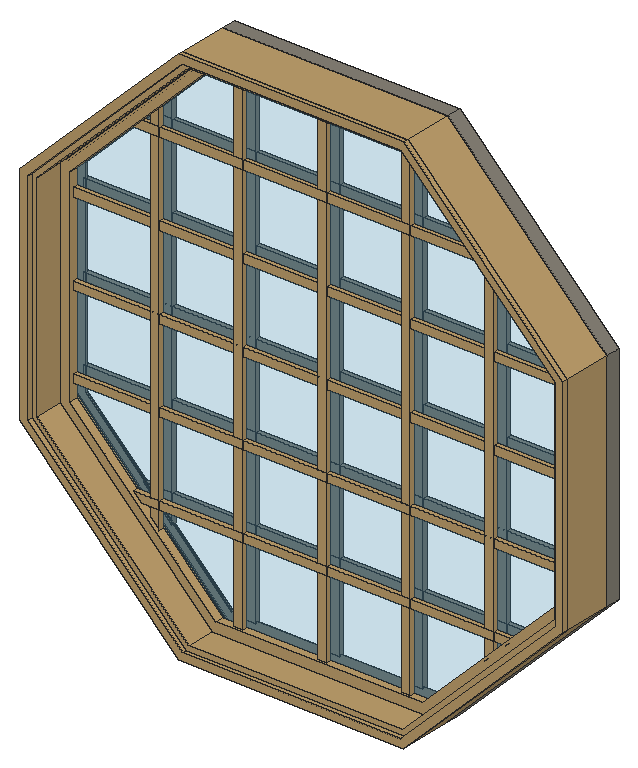
Revit family
Parameters (values of type "CDGPOLY P8-1")
  Window Type = "Clad Direct Glaze Polygon P8-1"
  URL = "www.marvin.com"
  Side Length = (sin(22.50°) * Radius) * 2  # 1' - 7.88225"
  Radius = (Width / 2) / cos(22.50°)  # 2' - 1.97741"
  Nominal Width = 4' - 0"
  Nominal Height = Nominal Width  # 4' - 0"
  Muntins Interior Material = Wood-Marvin-Pine
  Muntins Exterior Material = Aluminum-Marvin-Bronze
  Model = "CDGPOLY P8-1"
  Manufacturer = "Marvin Windows and Doors"
  Lites Wide = 6
  Lites High = 6
  Label Visibility = no
  Interior Material = Wood-Marvin-Pine
  Glazing Material = Glass-Marvin-IG Low E II with Argon
  Glass Type = "IG Low E II with Argon"
  Frame = "Aluminum Clad"
  Family created by = "www.rbuiltcomponents.com"
  Rough Width = Width + 0' 1"  # 4' - 1"
  Rough Height = Height + 0' 1"  # 4' - 1"
  Muntins Interior Visibility = yes
  Muntins Exterior Visibility = yes
  Jamb Extension Visibility = yes
  Inset to Installation Flange [instance] = 0' - 1"
  Height = Nominal Height  # 4' - 0"
  Design Pressure = if(or(Width > 10' 0", Height > 6' 0"), "", "DP40")  # "DP40"
  Description = "FIXED"
  Default Head Height = 8' - 0"
  Wall Closure = (empty or 0)
  Width = Nominal Width  # 4' - 0"
  Daylight Area = (DLO Width * DLO Height) - (DLO Side Length ^ 2)  # 11.1694 SF
  DLO Width = Width - 0' 3 15/16"  # 3' - 8 1/16"
  DLO Side Length = (sin(22.50°) * DLO Radius) * 2  # 1' - 6.25129"
  DLO Radius = (DLO Width / 2) / cos(22.50°)  # 1' - 11.84645"
  DLO Height = Height - 0' 3 15/16"  # 3' - 8 1/16"
  Cladding Material = Aluminum-Marvin-Bronze
  Assembly Code = ""
Reference planes (in)
  plane 1 "Center (Front/Back)": y = 0
  plane 2: z = 0
  plane 3 "Center (Left/Right)": x = -3
  plane 4 "Left": x = -27
  plane 5 "Right": x = 21
  plane 6 "Sill": z = 48
  plane 7 "Top": z = 96
  plane 8 "Inset": y = 2
  plane 9 "Glazing": y = 1.80078
  plane 10 "Jamb Ext Face": y = -2.5625
  plane 11: z = 72
  plane 12: y = -2.59375
Forms (in)
  Sweep 1, solid, material "Aluminum-Marvin-Bronze" <- "Cladding Material"
    path origin (0, 1.80078, 0) x (1, 0, 0) y (0, 0, 1)
      loop
        line (-27, 81.94113) -> (-27, 62.05887) -> (-12.94113, 48) -> (6.94113, 48) -> (21, 62.05887) -> (21, 81.94113) -> (6.94113, 96) -> (-12.94113, 96) -> (-27, 81.94113)
    profile "Profile_Ext_Clad_Frame : Profile_Ext_Clad_Frame" origin (-27, 1.80078, 72) x (1, 0, 0) y (0, -1, 0)
      loop
        line (0.66161, -0.32533) -> (1.80253, -0.32533) -> (1.80253, -0.20244) -> (1.97001, -0.03495) -> (1.97001, 0) -> (0, 0) -> (0, -1.29321) -> (0.59393, -1.29321) -> (0.66161, -0.32533)
  Sweep 2, solid, material "Wood-Marvin-Pine" <- "Interior Material"
    path origin (0, 1.80078, 0) x (1, 0, 0) y (0, 0, 1)
      loop
        line (-27, 81.94113) -> (-27, 62.05887) -> (-12.94113, 48) -> (6.94113, 48) -> (21, 62.05887) -> (21, 81.94113) -> (6.94113, 96) -> (-12.94113, 96) -> (-27, 81.94113)
    profile "Profile_Int_Frame : Profile_Int_Frame" origin (-27, 1.80078, 72) x (1, 0, 0) y (0, -1, 0)
      loop
        line (1.094, 4.36304) -> (0, 4.36304) -> (0, 0) -> (1.094, 0) -> (1.094, 1.0626) -> (1.97001, 1.0626) -> (1.97001, 1.7506) -> (1.094, 1.7506) -> (1.094, 4.36304)
  Extrusion 3, solid, material "Wood-Marvin-Pine" <- "Interior Material", visible <- "Jamb Extension Visibility", detail levels medium+fine
    sketch origin (0, -2.5625, 0) x (1, 0, 0) y (0, 0, 1)
      loop
        line (-12.94113, 96) -> (-27, 81.94113) -> (-27, 62.05887) -> (-12.94113, 48) -> (6.94113, 48) -> (21, 62.05887) -> (21, 81.94113) -> (6.94113, 96) -> (-12.94113, 96)
      loop
        line (-12.65635, 48.6875) -> (6.65635, 48.6875) -> (20.3125, 62.34365) -> (20.3125, 81.65635) -> (6.65635, 95.3125) -> (-12.65635, 95.3125) -> (-26.3125, 81.65635) -> (-26.3125, 62.34365) -> (-12.65635, 48.6875)
    from 0.03125 to 0.4375
  Extrusion 4, solid, material "Glass-Marvin-IG Low E II with Argon" <- "Glazing Material"
    sketch origin (0, 1.80078, 0) x (1, 0, 0) y (0, 0, 1)
      loop
        line (6.41041, 94.71875) -> (-12.41041, 94.71875) -> (-25.71875, 81.41041) -> (-25.71875, 62.58959) -> (-12.41041, 49.28125) -> (6.41041, 49.28125) -> (19.71875, 62.58959) -> (19.71875, 81.41041) -> (6.41041, 94.71875)
    from 0 to 0.1875
  Extrusion 5, solid, material "Glass-Marvin-IG Low E II with Argon" <- "Glazing Material"
    sketch origin (0, 1.80078, 0) x (1, 0, 0) y (0, 0, 1)
      loop
        line (6.41041, 94.71875) -> (-12.41041, 94.71875) -> (-25.71875, 81.41041) -> (-25.71875, 62.58959) -> (-12.41041, 49.28125) -> (6.41041, 49.28125) -> (19.71875, 62.58959) -> (19.71875, 81.41041) -> (6.41041, 94.71875)
    from 0.8125 to 1
Lines and regions (in)
  Opening 1
    outline origin (-60, -3, 0) x (1, 0, 0) y (0, 0, 1)
      loop
        line (33, 81.94113) -> (33, 62.05887) -> (47.05887, 48) -> (66.94113, 48) -> (81, 62.05887) -> (81, 81.94113) -> (66.94113, 96) -> (47.05887, 96) -> (33, 81.94113)
  Masking region 1
    outline origin (0, 0, 48) x (0, -1, 0) y (1, 0, 0)
      loop
        line (-3.094, -27) -> (2.5625, -27) -> (2.5625, 21) -> (-3.094, 21) -> (-3.094, -27)
  Masking region 2
    outline origin (-3, 0, 0) x (0, 1, 0) y (0, 0, 1)
      loop
        line (3.094, 96) -> (-2.5625, 96) -> (-2.5625, 48) -> (3.094, 48) -> (3.094, 96)
  Masking region 3
    outline origin (0, 0, 48) x (0, -1, 0) y (1, 0, 0)
      loop
        line (-3, -27) -> (3, -27) -> (3, 21) -> (-3, 21) -> (-3, -27)
  Masking region 4
    outline origin (-3, 0, 0) x (0, 1, 0) y (0, 0, 1)
      loop
        line (3, 96) -> (-3, 96) -> (-3, 48) -> (3, 48) -> (3, 96)
  symbolic lines, style "Jamb Extension", visible <- "Jamb Extension Visibility", detail levels fine
    curve 1: line (-27, -3, 48) -> (-26.3125, -3, 48)
    curve 2: line (-26.3125, -3, 48) -> (-26.3125, -2.59375, 48)
    curve 3: line (21, -3, 48) -> (20.3125, -3, 48)
    curve 4: line (20.3125, -3, 48) -> (20.3125, -2.59375, 48)
    curve 5: line (-3, -3, 95.3125) -> (-3, -2.59375, 95.3125)
    curve 6: line (-3, -3, 48.6875) -> (-3, -2.59375, 48.6875)
  symbolic lines, style "WindowsFrameMullionProjection", detail levels coarse+medium
    curve 7: line (21, -2.5625, 48) -> (19.906, -2.5625, 48)
    curve 8: line (19.906, -2.5625, 48) -> (19.906, 3.09375, 48)
    curve 9: line (19.906, 3.09375, 48) -> (21, 3.09375, 48)
    curve 10: line (19.906, 2.12611, 48) -> (19.02999, 2.12611, 48)
    curve 11: line (19.02999, 2.12611, 48) -> (19.02999, 0.04994, 48)
    curve 12: line (-25.906, 0.04994, 48) -> (-25.02999, 0.04994, 48)
    curve 13: line (-27, -2.5625, 48) -> (-25.906, -2.5625, 48)
    curve 14: line (-25.906, -2.5625, 48) -> (-25.906, 3.09375, 48)
    curve 15: line (-25.906, 3.09375, 48) -> (-27, 3.09375, 48)
    curve 16: line (-25.02999, 2.12611, 48) -> (-25.02999, 0.04994, 48)
    curve 17: line (-3, 3.09375, 96) -> (-3, 3.09375, 94.906)
    curve 18: line (-3, 3.09375, 94.906) -> (-3, -2.5625, 94.906)
    curve 19: line (-3, -2.5625, 94.906) -> (-3, -2.5625, 96)
    curve 20: line (-3, 2.12611, 94.906) -> (-3, 2.12611, 94.02999)
    curve 21: line (-3, 2.12611, 94.02999) -> (-3, 0.04994, 94.02999)
    curve 22: line (-3, 0.04994, 49.094) -> (-3, 0.04994, 49.97001)
    curve 23: line (-3, 3.09375, 48) -> (-3, 3.09375, 49.094)
    curve 24: line (-3, 3.09375, 49.094) -> (-3, -2.5625, 49.094)
    curve 25: line (-3, -2.5625, 49.094) -> (-3, -2.5625, 48)
    curve 26: line (-3, 2.12611, 49.97001) -> (-3, 0.04994, 49.97001)
    curve 27: line (19.02999, 2.12611, 48) -> (-25.02999, 2.12611, 48)
    curve 28: line (19.02999, 0.04994, 48) -> (19.906, 0.04994, 48)
    curve 29: line (-25.02999, 0.04994, 48) -> (19.02999, 0.04994, 48)
    curve 30: line (-25.02999, 2.12611, 48) -> (-25.906, 2.12611, 48)
    curve 31: line (-3, 0.04994, 49.97001) -> (-3, 0.04994, 94.02999)
    curve 32: line (-3, 2.12611, 49.97001) -> (-3, 2.12611, 49.094)
    curve 33: line (-3, 0.04994, 94.02999) -> (-3, 0.04994, 94.906)
    curve 34: line (-3, 2.12611, 94.02999) -> (-3, 2.12611, 49.97001)
  symbolic lines, style "WindowsFrameMullionProjection", visible <- "Jamb Extension Visibility", detail levels coarse+medium
    curve 35: line (-26.3125, -2.59375, 48) -> (-26.3125, -3, 48)
    curve 36: line (-26.3125, -3, 48) -> (-27, -3, 48)
    curve 37: line (20.3125, -2.59375, 48) -> (20.3125, -3, 48)
    curve 38: line (20.3125, -3, 48) -> (21, -3, 48)
    curve 41: line (-3, -2.59375, 95.3125) -> (-3, -3, 95.3125)
    curve 42: line (-3, -3, 95.3125) -> (-3, -3, 96)
    curve 43: line (-3, -2.59375, 48.6875) -> (-3, -3, 48.6875)
    curve 44: line (-3, -3, 48.6875) -> (-3, -3, 48)
  symbolic lines, style "Jamb Extension", visible <- "Jamb Extension Visibility"
    curve 39: line (-3, -3, 48.6875) -> (-3, -3, 48)
    curve 40: line (-3, -3, 95.3125) -> (-3, -3, 96)
  symbolic lines, style "WindowsGlassProjection", detail levels coarse+medium
    curve 45: line (-3, 1.06756, 49.97001) -> (-3, 1.06756, 94.02999)
    curve 46: line (19.02999, 1.06956, 48) -> (-25.02999, 1.06956, 48)
  reference lines
    curve 47: line (-27, 2, 62.05887) -> (-12.94113, 2, 48)
    curve 48: line (-12.94113, 2, 48) -> (6.94113, 2, 48)
    curve 49: line (6.94113, 2, 48) -> (21, 2, 62.05887)
    curve 50: line (21, 2, 62.05887) -> (21, 2, 81.94113)
    curve 51: line (21, 2, 81.94113) -> (6.94113, 2, 96)
    curve 52: line (6.94113, 2, 96) -> (-12.94113, 2, 96)
    curve 53: line (-12.94113, 2, 96) -> (-27, 2, 81.94113)
    curve 54: line (-27, 2, 81.94113) -> (-27, 2, 62.05887)
    curve 55: circle (-3, 2, 72) r 25.97741 normal (0, -1, 0)
Text (in)
  text "EXTERIOR" at (-58.6888, 50.90694, 0), in view "Ref. Level"
  text "INTERIOR" at (-58.6888, -37.76638, 0), in view "Ref. Level"
  text "Exterior" at (0, 43.65631, 123.19604), in view "Left"
  text "Exterior" at (0, 18.29385, 125.04747), in view "Right"
Dimensions and locks (in)
  equal spacing: plane 4 "Left", plane 3 "Center (Left/Right)", plane 5 "Right"
  "Width": plane 4 "Left" to plane 5 "Right"
  "Height": plane 6 "Sill" to plane 7 "Top"
  "Inset to Installation Flange": host wall to plane 8 "Inset"
  locked: plane 9 "Glazing" to plane 8 "Inset" at 0.19922
  locked: plane 10 "Jamb Ext Face" to plane 8 "Inset" at 4.5625
  locked: Extrusion 4 sketch curve to plane 5 "Right" at 1.28125
  locked: plane 4 "Left" to Extrusion 4 sketch curve at 1.28125
  locked: Extrusion 4 sketch curve to plane 7 "Top" at 1.28125
  locked: plane 6 "Sill" to Extrusion 4 sketch curve at 1.28125
  equal spacing: curve 28, plane 8 "Inset", curve 10
  locked: nested 3 to plane 9 "Glazing" at 1.0625
  equal spacing: plane 6 "Sill", plane 11, plane 7 "Top"
  "Default Head Height": plane 2 to plane 7 "Top"
  locked: Extrusion 3 sketch curve to Extrusion 3 sketch curve at 0.6875  (x2)
  locked: plane 7 "Top" to Extrusion 3 sketch curve at 0.6875
  locked: nested 5 to host wall at 12.00106
  locked: Extrusion 5 sketch curve to plane 7 "Top" at 1.28125
  locked: Extrusion 5 sketch curve to plane 5 "Right" at 1.28125
  locked: plane 6 "Sill" to Extrusion 5 sketch curve at 1.28125
  locked: plane 4 "Left" to Extrusion 5 sketch curve at 1.28125
  locked: plane 9 "Glazing" to Extrusion 4 at 0.1875
  locked: plane 9 "Glazing" to Extrusion 5 at 0.8125
  locked: plane 9 "Glazing" to Extrusion 5 at 1
  locked: Extrusion 5 to Extrusion 5 at 0.1875
  locked: plane 12 to plane 10 "Jamb Ext Face" at 0.03125
  locked: Extrusion 3 sketch curve to curve 49 at 0.6875
  locked: Extrusion 3 sketch curve to curve 51 at 0.6875
  locked: Extrusion 3 sketch curve to curve 53 at 0.6875
  locked: Extrusion 3 sketch curve to curve 47 at 0.6875
  locked: Extrusion 4 sketch curve to curve 49 at 1.28125
  locked: Extrusion 4 sketch curve to curve 51 at 1.28125
  locked: Extrusion 4 sketch curve to curve 53 at 1.28125
  locked: Extrusion 4 sketch curve to curve 47 at 1.28125
  locked: Extrusion 5 sketch curve to curve 51 at 1.28125
  locked: Extrusion 5 sketch curve to curve 53 at 1.28125
  locked: Extrusion 5 sketch curve to curve 47 at 1.28125
  locked: Extrusion 5 sketch curve to curve 49 at 1.28125
  "Radius": radius of curve 55
  aligned and locked: nested 1 to plane 3 "Center (Left/Right)"
  aligned and locked: plane 8 "Inset" to nested 1
  aligned and locked: host wall to curve 1
  aligned and locked: curve 3 to host wall
  aligned and locked: plane 8 "Inset" to nested 2
  aligned and locked: Extrusion 3 sketch curve to plane 6 "Sill"
  aligned and locked: plane 5 "Right" to Extrusion 3 sketch curve
  aligned and locked: plane 11 to nested 3
  aligned and locked: plane 9 "Glazing" to nested 4
  aligned and locked: nested 4 to plane 11
  aligned and locked: nested 4 to plane 3 "Center (Left/Right)"
  aligned and locked: plane 3 "Center (Left/Right)" to nested 3
  aligned and locked: plane 5 "Right" to Masking region 1 sketch curve
  aligned and locked: Masking region 1 sketch curve to plane 4 "Left"
  aligned and locked: plane 7 "Top" to Masking region 2 sketch curve
  aligned and locked: Masking region 2 sketch curve to plane 6 "Sill"
  aligned and locked: host wall to Extrusion 3
  aligned and locked: plane 3 "Center (Left/Right)" to nested 5
  aligned and locked: Extrusion 3 sketch curve to plane 4 "Left"
  aligned and locked: plane 7 "Top" to Extrusion 3 sketch curve
  aligned and locked: curve 5 to Extrusion 3
  aligned and locked: curve 2 to Extrusion 3
  aligned and locked: curve 4 to Extrusion 3
  aligned and locked: plane 10 "Jamb Ext Face" to curve 13
  aligned and locked: curve 7 to plane 10 "Jamb Ext Face"
  aligned and locked: plane 4 "Left" to curve 36
  aligned and locked: curve 35 to Extrusion 3
  aligned and locked: curve 36 to host wall
  aligned and locked: plane 5 "Right" to curve 38
  aligned and locked: Extrusion 3 to curve 37  (x2)
  aligned and locked: host wall to curve 38
  aligned and locked: curve 25 to plane 10 "Jamb Ext Face"
  aligned and locked: plane 6 "Sill" to curve 39
  aligned and locked: curve 39 to Extrusion 3
  aligned and locked: curve 39 to host wall
  aligned and locked: plane 10 "Jamb Ext Face" to curve 19
  aligned and locked: plane 7 "Top" to curve 40
  aligned and locked: plane 7 "Top" to curve 42
  aligned and locked: host wall to curve 42
  aligned and locked: Extrusion 3 to curve 41  (x2)
  aligned and locked: plane 6 "Sill" to curve 44
  aligned and locked: curve 43 to Extrusion 3
  aligned and locked: Extrusion 4 to plane 9 "Glazing"
  aligned and locked: plane 9 "Glazing" to Extrusion 4
  aligned and locked: Extrusion 3 to curve 35
  aligned and locked: Extrusion 3 to curve 2
  aligned and locked: Extrusion 3 to curve 4
  aligned and locked: Masking region 1 sketch curve to plane 10 "Jamb Ext Face"
  aligned and locked: Masking region 3 sketch curve to plane 4 "Left"
  aligned and locked: plane 5 "Right" to Masking region 3 sketch curve
  aligned and locked: Masking region 3 sketch curve to host wall  (x2)
  aligned and locked: Extrusion 3 to curve 5
  aligned and locked: Extrusion 3 to curve 43
  aligned and locked: Extrusion 3 to curve 6
  aligned and locked: Extrusion 3 to plane 12
  aligned and locked: Masking region 2 sketch curve to plane 10 "Jamb Ext Face"
  aligned and locked: plane 7 "Top" to Masking region 4 sketch curve
  aligned and locked: Masking region 4 sketch curve to plane 6 "Sill"
  aligned and locked: Masking region 4 sketch curve to host wall  (x2)
  aligned and locked: nested 2 to plane 7 "Top"
  aligned and locked: plane 7 "Top" to curve 52
  aligned and locked: plane 5 "Right" to curve 50
  aligned and locked: curve 48 to plane 6 "Sill"
  aligned and locked: curve 54 to plane 4 "Left"
  aligned and locked: Extrusion 3 sketch curve to curve 51
  aligned and locked: Extrusion 3 sketch curve to curve 53
  aligned and locked: Extrusion 3 sketch curve to curve 47
  aligned and locked: Extrusion 3 sketch curve to curve 49
  aligned and locked: Sweep 1 sketch curve to curve 54
  aligned and locked: Sweep 1 sketch curve to curve 47
  aligned and locked: Sweep 1 sketch curve to curve 48
  aligned and locked: Sweep 1 sketch curve to curve 49
  aligned and locked: Sweep 1 sketch curve to curve 50
  aligned and locked: Sweep 1 sketch curve to curve 51
  aligned and locked: Sweep 1 sketch curve to curve 52
  aligned and locked: Sweep 1 sketch curve to curve 53
  aligned and locked: Sweep 2 sketch curve to curve 54
  aligned and locked: Sweep 2 sketch curve to curve 47
  aligned and locked: Sweep 2 sketch curve to curve 48
  aligned and locked: Sweep 2 sketch curve to curve 49
  aligned and locked: Sweep 2 sketch curve to curve 50
  aligned and locked: Sweep 2 sketch curve to curve 51
  aligned and locked: Sweep 2 sketch curve to curve 52
  aligned and locked: Sweep 2 sketch curve to curve 53
  aligned and locked: Opening 1 sketch curve to curve 54
  aligned and locked: Opening 1 sketch curve to curve 47
  aligned and locked: Opening 1 sketch curve to curve 48
  aligned and locked: Opening 1 sketch curve to curve 49
  aligned and locked: Opening 1 sketch curve to curve 50
  aligned and locked: Opening 1 sketch curve to curve 51
  aligned and locked: Opening 1 sketch curve to curve 52
  aligned and locked: Opening 1 sketch curve to curve 53
  aligned and locked: curve 33 to nested 2
  aligned and locked: curve 22 to nested 2
  aligned and locked: curve 23 to nested 2
  aligned and locked: curve 17 to nested 2
  aligned and locked: curve 12 to nested 1
  aligned and locked: curve 15 to nested 1
  aligned and locked: curve 28 to nested 1
  aligned and locked: curve 9 to nested 1
  aligned and locked: Masking region 1 sketch curve to Sweep 1
  aligned and locked: Masking region 2 sketch curve to Sweep 1
Automatic sketch dimensions
  curve 1 to plane 4 "Left" = 0' - 0"
  curve 3 to plane 5 "Right" = 0' - 0"
  curve 25 to plane 6 "Sill" = 0' - 0"
  curve 23 to plane 6 "Sill" = 0' - 0"
  curve 17 to plane 7 "Top" = 0' - 0"
  curve 19 to plane 7 "Top" = 0' - 0"
  plane 9 "Glazing" to curve 45 = 0' - 0.73322"
  curve 15 to plane 4 "Left" = 0' - 0"
  curve 13 to plane 4 "Left" = 0' - 0"
  curve 9 to plane 5 "Right" = 0' - 0"
  curve 7 to plane 5 "Right" = 0' - 0"
  plane 9 "Glazing" to curve 46 = 0' - 0.73122"
  curve 55 to plane 3 "Center (Left/Right)" = 0' - 0"
  curve 55 to plane 11 = 0' - 0"
  Extrusion 3 sketch curve to Extrusion 3 sketch curve = 0' - 0.28477"
  curve 32 to plane 8 "Inset" = 0' - 0.12611"
  curve 10 to plane 8 "Inset" = 0' - 0.12611"
  curve 6 to curve 25 = 0' - 0.4065"
  curve 22 to curve 22 = 0' - 0.87601"
  plane 7 "Top" to curve 21 = 0' - 1.97001"
  curve 21 to curve 33 = 0' - 0.87601"
  curve 15 to curve 14 = 0' - 1.094"
  curve 12 to curve 46 = 0' - 0.87601"
  plane 5 "Right" to curve 11 = 0' - 1.97001"
  curve 7 to curve 4 = 0' - 0.4065"
Nested families (in)
  nested 1: "Polygon_Plan_Detail" at (-3, 2, 48) x (-1, 0, 0) z (0, 0, -1), type "Polygon_Plan_Detail", detail levels fine
    with Width 4' - 0"
  nested 2: "Polygon_Section_Detail" at (-3, 2, 96) x (0, -1, 0) z (1, 0, 0), type "Polygon_Section_Detail", detail levels fine
    with Height 4' - 0"
  nested 3: "Muntins" at (-3, 0.73828, 14.03125), visible <- "Muntins Interior Visibility", Muntin Material <- "Muntins Interior Material", type "Muntins"
    with Muntin Material Wood-Marvin-Pine
  nested 4: "Muntins" at (-3, 1.80078, 14.03125), visible <- "Muntins Exterior Visibility", Muntin Material <- "Muntins Exterior Material", type "Muntins"
    with Muntin Material Aluminum-Marvin-Bronze
  nested 5: "Label Annotation 1-16 w6" at (-3, 15.00106, 0), visible <- "Label Visibility", type "Label Annotation 1-16 w6"
    with Nominal Height 4' - 0"
Definition of nested family "Muntins"
  Parameters (values of type "Muntins")
    Side = (sin(22.50°) * Radius) * 2  # 1' - 6.38073"
    Radius = (Width / 2) / cos(22.50°)  # 2' - 0.01558"
    GlazingWidth = 3' - 8 1/16"
    GlazingHeight = 3' - 8 1/16"
    Width = GlazingWidth + 0' 0 5/16"  # 3' - 8 3/8"
    VerticalMuntins = if(LitesHorizontal < 3, 2, LitesHorizontal - 1)  # 5
    VertMuntVisible = LitesHorizontal > 3  # yes
    MuntinWidth = 0' - 0 3/4"
    MuntinDepth = 0' - 0 3/8"
    Muntin Material [instance] = none
    LitesVertical = 6
    LitesHorizontal = 6
    HorizontalMuntins = if(LitesVertical < 3, 2, LitesVertical - 1)  # 5
    HorizMuntVisible = LitesVertical > 3  # yes
    Height = GlazingHeight + 0' 0 5/16"  # 3' - 8 3/8"
    Inset Vert = if(LitesHorizontal < 3, (Width / 3) - (MuntinWidth / 2), (Width / LitesHorizontal) - (MuntinWidth / 2))  # 0' - 7.02083"
    Inset Horiz = if(LitesVertical < 3, (Height / 3) - (MuntinWidth / 2), (Height / LitesVertical) - (MuntinWidth / 2))  # 0' - 7.02083"
    CenterMuntinVertical = LitesHorizontal = 2  # no
    CenterMuntinHorizontal = LitesVertical = 2  # no
    Assembly Code = ""
    3L_MuntinVertical = LitesHorizontal = 3  # no
    3L_MuntinHorizontal = LitesVertical = 3  # no
  Reference planes (in)
    plane 1 "Center (Front/Back)": y = 0
    plane 2: z = 0
    plane 3 "Center (Left/Right)": x = 0
    plane 4: z = 35.78125
    plane 5: z = 57.96875
    plane 6: z = 80.15625
    plane 7: z = 73.13542
    plane 8: z = 42.80208
    plane 9: z = 80
    plane 10: z = 35.9375
    plane 11: x = -22.03125
    plane 12: x = 22.03125
    plane 13: x = -15.16667
    plane 14: x = -22.1875
    plane 15: x = 22.1875
    plane 16: x = 15.16667
    plane 17: z = 33.96875
    plane 18: x = -24
    plane 19: x = 24
    plane 20: z = 81.96875
  Forms (in)
    Extrusion 1, solid, material <- "Muntin Material", visible <- "CenterMuntinVertical"
      sketch origin (9, 0, 0) x (1, 0, 0) y (0, 0, 1)
        loop
          line (-9.375, 80.15625) -> (-9.375, 35.78125) -> (-8.625, 35.78125) -> (-8.625, 80.15625) -> (-9.375, 80.15625)
      from 0 to 0.375 <- "MuntinDepth"
    Extrusion 2, solid, material <- "Muntin Material", visible <- "CenterMuntinHorizontal"
      sketch origin (-0.0013, 0, 14.6875) x (1, 0, 0) y (0, 0, 1)
        loop
          line (-22.1862, 43.65625) -> (-22.1862, 42.90625) -> (22.1888, 42.90625) -> (22.1888, 43.65625) -> (-22.1862, 43.65625)
      from 0 to 0.375 <- "MuntinDepth"
    Extrusion 3, solid, material <- "Muntin Material", visible <- "VertMuntVisible"
      sketch origin (-5.79167, 0, -2.90625) x (1, 0, 0) y (0, 0, 1)
        loop
          line (-9.375, 83.0625) -> (-9.375, 38.6875) -> (-8.625, 38.6875) -> (-8.625, 83.0625) -> (-9.375, 83.0625)
      from 0 to 0.375 <- "MuntinDepth"
    Extrusion 4, solid, material <- "Muntin Material", visible <- "HorizMuntVisible"
      sketch origin (6.8724, 0, 27.44792) x (1, 0, 0) y (0, 0, 1)
        loop
          line (-29.0599, 45.6875) -> (-29.0599, 44.9375) -> (15.3151, 44.9375) -> (15.3151, 45.6875) -> (-29.0599, 45.6875)
      from 0 to 0.375 <- "MuntinDepth"
    Extrusion 5, solid, material <- "Muntin Material", visible <- "HorizMuntVisible"
      sketch origin (6.8724, 0, -2.13542) x (1, 0, 0) y (0, 0, 1)
        loop
          line (-29.0599, 45.6875) -> (-29.0599, 44.9375) -> (15.3151, 44.9375) -> (15.3151, 45.6875) -> (-29.0599, 45.6875)
      from 0 to 0.375 <- "MuntinDepth"
    Extrusion 6, solid, material <- "Muntin Material", visible <- "VertMuntVisible"
      sketch origin (23.79167, 0, -2.90625) x (1, 0, 0) y (0, 0, 1)
        loop
          line (-9.375, 83.0625) -> (-9.375, 38.6875) -> (-8.625, 38.6875) -> (-8.625, 83.0625) -> (-9.375, 83.0625)
      from 0 to 0.375 <- "MuntinDepth"
    Extrusion 7, solid, material <- "Muntin Material", visible <- "HorizMuntVisible"
      sketch origin (6.8724, 0, 20.05208) x (1, 0, 0) y (0, 0, 1)
        loop
          line (-29.0599, 45.6875) -> (-29.0599, 44.9375) -> (15.3151, 44.9375) -> (15.3151, 45.6875) -> (-29.0599, 45.6875)
      from 0 to 0.375 <- "MuntinDepth"
    Extrusion 8, solid, material <- "Muntin Material", visible <- "HorizMuntVisible"
      sketch origin (6.8724, 0, 12.65625) x (1, 0, 0) y (0, 0, 1)
        loop
          line (-29.0599, 45.6875) -> (-29.0599, 44.9375) -> (15.3151, 44.9375) -> (15.3151, 45.6875) -> (-29.0599, 45.6875)
      from 0 to 0.375 <- "MuntinDepth"
    Extrusion 9, solid, material <- "Muntin Material", visible <- "VertMuntVisible"
      sketch origin (1.60417, 0, -2.90625) x (1, 0, 0) y (0, 0, 1)
        loop
          line (-9.375, 83.0625) -> (-9.375, 38.6875) -> (-8.625, 38.6875) -> (-8.625, 83.0625) -> (-9.375, 83.0625)
      from 0 to 0.375 <- "MuntinDepth"
    Extrusion 10, solid, material <- "Muntin Material", visible <- "VertMuntVisible"
      sketch origin (9, 0, -2.90625) x (1, 0, 0) y (0, 0, 1)
        loop
          line (-9.375, 83.0625) -> (-9.375, 38.6875) -> (-8.625, 38.6875) -> (-8.625, 83.0625) -> (-9.375, 83.0625)
      from 0 to 0.375 <- "MuntinDepth"
    Extrusion 11, solid, material <- "Muntin Material", visible <- "HorizMuntVisible"
      sketch origin (6.8724, 0, 5.26042) x (1, 0, 0) y (0, 0, 1)
        loop
          line (-29.0599, 45.6875) -> (-29.0599, 44.9375) -> (15.3151, 44.9375) -> (15.3151, 45.6875) -> (-29.0599, 45.6875)
      from 0 to 0.375 <- "MuntinDepth"
    Extrusion 12, solid, material <- "Muntin Material", visible <- "VertMuntVisible"
      sketch origin (16.39583, 0, -2.90625) x (1, 0, 0) y (0, 0, 1)
        loop
          line (-9.375, 83.0625) -> (-9.375, 38.6875) -> (-8.625, 38.6875) -> (-8.625, 83.0625) -> (-9.375, 83.0625)
      from 0 to 0.375 <- "MuntinDepth"
    Extrusion 13, void
      sketch origin (0, 0, 0) x (1, 0, 0) y (0, 0, 1)
        loop
          line (24, 81.96875) -> (-24, 81.96875) -> (-24, 33.96875) -> (24, 33.96875) -> (24, 81.96875)
        loop
          line (22.1875, 67.15911) -> (9.19036, 80.15625) -> (-9.19036, 80.15625) -> (-22.1875, 67.15911) -> (-22.1875, 48.77839) -> (-9.19036, 35.78125) -> (9.19036, 35.78125) -> (22.1875, 48.77839) -> (22.1875, 67.15911)
      from 0 to 12
    Extrusion 14, solid, material <- "Muntin Material", visible <- "3L_MuntinVertical"
      sketch origin (17.81536, 0, 0) x (1, 0, 0) y (0, 0, 1)
        loop
          line (-9.375, 80.15625) -> (-9.375, 35.78125) -> (-8.625, 35.78125) -> (-8.625, 80.15625) -> (-9.375, 80.15625)
      from 0 to 0.375 <- "MuntinDepth"
    Extrusion 15, solid, material <- "Muntin Material", visible <- "3L_MuntinVertical"
      sketch origin (-17.81536, 0, 0) x (-1, 0, 0) y (0, 0, -1)
        loop
          line (-9.375, -80.15625) -> (-8.625, -80.15625) -> (-8.625, -35.78125) -> (-9.375, -35.78125) -> (-9.375, -80.15625)
      from 0 to 0.375 <- "MuntinDepth"
    Extrusion 16, solid, material <- "Muntin Material", visible <- "3L_MuntinHorizontal"
      sketch origin (-0.0013, 0, 23.50286) x (1, 0, 0) y (0, 0, 1)
        loop
          line (-22.1862, 43.65625) -> (-22.1862, 42.90625) -> (22.1888, 42.90625) -> (22.1888, 43.65625) -> (-22.1862, 43.65625)
      from 0 to 0.375 <- "MuntinDepth"
    Extrusion 17, solid, material <- "Muntin Material", visible <- "3L_MuntinHorizontal"
      sketch origin (-0.0013, 0, 92.43464) x (1, 0, 0) y (0, 0, 1)
        loop
          line (-22.1862, -43.65625) -> (22.1888, -43.65625) -> (22.1888, -42.90625) -> (-22.1862, -42.90625) -> (-22.1862, -43.65625)
      from 0 to 0.375 <- "MuntinDepth"
  Cuts and joins
    Extrusion 13 cuts Extrusion 1
    Extrusion 13 cuts Extrusion 2
    Extrusion 13 cuts Extrusion 3
    Extrusion 13 cuts Extrusion 4
    Extrusion 13 cuts Extrusion 6
    Extrusion 13 cuts Extrusion 7
    Extrusion 13 cuts Extrusion 8
    Extrusion 13 cuts Extrusion 9
    Extrusion 13 cuts Extrusion 10
    Extrusion 13 cuts Extrusion 12
    Extrusion 13 cuts Extrusion 11
    Extrusion 13 cuts Extrusion 5
  Lines and regions (in)
    reference lines
      curve 1: line (-22.1875, 0, 48.77839) -> (-9.19036, 0, 35.78125)
      curve 2: line (-9.19036, 0, 35.78125) -> (9.19036, 0, 35.78125)
      curve 3: line (9.19036, 0, 35.78125) -> (22.1875, 0, 48.77839)
      curve 4: line (22.1875, 0, 48.77839) -> (22.1875, 0, 67.15911)
      curve 5: line (22.1875, 0, 67.15911) -> (9.19036, 0, 80.15625)
      curve 6: line (9.19036, 0, 80.15625) -> (-9.19036, 0, 80.15625)
      curve 7: line (-9.19036, 0, 80.15625) -> (-22.1875, 0, 67.15911)
      curve 8: line (-22.1875, 0, 67.15911) -> (-22.1875, 0, 48.77839)
      curve 9: circle (0, 0, 57.96875) r 24.01558 normal (0, -1, 0)
  Dimensions and locks (in)
    "Inset Horiz": plane 6 to plane 7
    "Inset Horiz": plane 8 to plane 4
    equal spacing: plane 6, plane 5, plane 4
    "Height": plane 6 to plane 4
    "GlazingHeight": plane 9 to plane 10
    equal spacing: plane 9, plane 5, plane 10
    "GlazingWidth": plane 12 to plane 11
    equal spacing: plane 12, plane 3 "Center (Left/Right)", plane 11
    "MuntinWidth": Extrusion 1 sketch curve to Extrusion 1 sketch curve
    "Height": Extrusion 1 sketch curve to Extrusion 1 sketch curve
    "MuntinWidth": Extrusion 2 sketch curve to Extrusion 2 sketch curve
    "Width": Extrusion 2 sketch curve to Extrusion 2 sketch curve
    "MuntinWidth": Extrusion 3 sketch curve to Extrusion 3 sketch curve
    "Height": Extrusion 3 sketch curve to Extrusion 3 sketch curve
    "Width": plane 15 to plane 14
    equal spacing: plane 15, plane 3 "Center (Left/Right)", plane 14
    "Inset Vert": plane 13 to plane 14
    "Inset Vert": plane 15 to plane 16
    "MuntinWidth": Extrusion 4 sketch curve to Extrusion 4 sketch curve
    "Width": Extrusion 4 sketch curve to Extrusion 4 sketch curve
    "MuntinWidth": Extrusion 5 sketch curve to Extrusion 5 sketch curve
    "Width": Extrusion 5 sketch curve to Extrusion 5 sketch curve
    equal spacing: group 2, group 6, group 7, group 10, group 3  (x2)
    equal spacing: group 3, group 10, group 7, group 6, group 2
    "MuntinWidth": Extrusion 6 sketch curve to Extrusion 6 sketch curve
    "Height": Extrusion 6 sketch curve to Extrusion 6 sketch curve
    equal spacing: group 4, group 8, group 9, group 11, group 5  (x3)
    locked: plane 17 to plane 10 at 1.96875
    locked: plane 11 to plane 18 at 1.96875
    locked: plane 12 to plane 19 at 1.96875
    locked: plane 20 to plane 9 at 1.96875
    "MuntinWidth": Extrusion 7 sketch curve to Extrusion 7 sketch curve
    "Width": Extrusion 7 sketch curve to Extrusion 7 sketch curve
    "MuntinWidth": Extrusion 8 sketch curve to Extrusion 8 sketch curve
    "Width": Extrusion 8 sketch curve to Extrusion 8 sketch curve
    "MuntinWidth": Extrusion 9 sketch curve to Extrusion 9 sketch curve
    "Height": Extrusion 9 sketch curve to Extrusion 9 sketch curve
    "MuntinWidth": Extrusion 10 sketch curve to Extrusion 10 sketch curve
    "Height": Extrusion 10 sketch curve to Extrusion 10 sketch curve
    "MuntinWidth": Extrusion 11 sketch curve to Extrusion 11 sketch curve
    "Width": Extrusion 11 sketch curve to Extrusion 11 sketch curve
    "MuntinWidth": Extrusion 12 sketch curve to Extrusion 12 sketch curve
    "Height": Extrusion 12 sketch curve to Extrusion 12 sketch curve
    "MuntinWidth": Extrusion 14 sketch curve to Extrusion 14 sketch curve
    "Height": Extrusion 14 sketch curve to Extrusion 14 sketch curve
    "MuntinWidth": Extrusion 15 sketch curve to Extrusion 15 sketch curve
    "Height": Extrusion 15 sketch curve to Extrusion 15 sketch curve
    equal spacing: Extrusion 14, plane 3 "Center (Left/Right)", Extrusion 15
    "Side": Extrusion 14 to Extrusion 15
    "MuntinWidth": Extrusion 16 sketch curve to Extrusion 16 sketch curve
    "Width": Extrusion 16 sketch curve to Extrusion 16 sketch curve
    "MuntinWidth": Extrusion 17 sketch curve to Extrusion 17 sketch curve
    "Width": Extrusion 17 sketch curve to Extrusion 17 sketch curve
    equal spacing: Extrusion 17, plane 5, Extrusion 16
    "Side": Extrusion 17 to Extrusion 16
    "Radius": radius of curve 9
    aligned and locked: plane 6 to Extrusion 1  (x2)
    aligned and locked: Extrusion 1 to plane 4  (x3)
    aligned and locked: Extrusion 3 to plane 13  (x5)
    aligned and locked: Extrusion 3 to plane 4  (x3)
    aligned and locked: Extrusion 2 to plane 14
    aligned and locked: plane 15 to Extrusion 2
    aligned and locked: plane 6 to Extrusion 3
    aligned and locked: plane 7 to Extrusion 4
    aligned and locked: Extrusion 4 to plane 14
    aligned and locked: plane 15 to Extrusion 4
    aligned and locked: Extrusion 5 to plane 14
    aligned and locked: Extrusion 5 to plane 8
    aligned and locked: plane 15 to Extrusion 5
    aligned and locked: Extrusion 6 to plane 16
    aligned and locked: plane 6 to Extrusion 6
    aligned and locked: Extrusion 6 to plane 4
    aligned and locked: Extrusion 13 sketch curve to plane 20
    aligned and locked: Extrusion 13 sketch curve to plane 19
    aligned and locked: Extrusion 13 sketch curve to plane 18
    aligned and locked: Extrusion 13 sketch curve to plane 17
    aligned and locked: Extrusion 13 sketch curve to curve 5
    aligned and locked: Extrusion 13 sketch curve to curve 6
    aligned and locked: Extrusion 13 sketch curve to curve 7
    aligned and locked: Extrusion 13 sketch curve to curve 8
    aligned and locked: Extrusion 13 sketch curve to curve 1
    aligned and locked: Extrusion 13 sketch curve to curve 2
    aligned and locked: Extrusion 13 sketch curve to curve 3
    aligned and locked: Extrusion 13 sketch curve to curve 4
    aligned and locked: plane 6 to Extrusion 14
    aligned and locked: Extrusion 14 to plane 4
    aligned and locked: plane 6 to Extrusion 15
    aligned and locked: Extrusion 15 to plane 4
    aligned and locked: plane 15 to Extrusion 16
    aligned and locked: Extrusion 16 to plane 14
    aligned and locked: plane 15 to Extrusion 17
    aligned and locked: Extrusion 17 to plane 14
  Automatic sketch dimensions
    Extrusion 1 sketch curve to plane 4 = 0' - 0"
    Extrusion 1 sketch curve to plane 3 "Center (Left/Right)" = 0' - 0 3/8"
    Extrusion 2 sketch curve to plane 14 = 0' - 0"
    Extrusion 2 sketch curve to plane 5 = 0' - 0 3/8"
    curve 7 to plane 14 = 0' - 0"
    curve 2 to plane 4 = 0' - 0"
    curve 7 to plane 6 = 0' - 0"
    curve 9 to plane 3 "Center (Left/Right)" = 0' - 0"
    curve 3 to plane 15 = 0' - 0"
    curve 9 to plane 5 = 0' - 0"
    Extrusion 14 sketch curve to plane 4 = 0' - 0"
    plane 16 to Extrusion 14 sketch curve = 0' - 6.7263"
    Extrusion 15 sketch curve to plane 4 = 0' - 0"
    plane 13 to Extrusion 15 sketch curve = 0' - 6.7263"
    Extrusion 16 sketch curve to plane 14 = 0' - 0"
    Extrusion 16 sketch curve to plane 7 = 0' - 6.7263"
    Extrusion 17 sketch curve to plane 14 = 0' - 0"
    plane 8 to Extrusion 17 sketch curve = 0' - 5.9763"
Definition of nested family "Polygon_Plan_Detail"
  Parameters (values of type "Polygon_Plan_Detail")
    Width = 3' - 0"
    Assembly Code = ""
  Reference planes (in)
    plane 1 "Center (Front/Back)": y = 0
    plane 2: z = 0
    plane 3 "Center (Left/Right)": x = 0
    plane 4: x = -18
    plane 5: x = 18
  Lines and regions (in)
    detail lines, style "Cut Lines", in view "Ref. Level"
      curve 1: line (-16.71748, -0.23076, 0) -> (16.71748, -0.23076, 0)
      curve 2: line (16.71748, -0.41826, 0) -> (-16.71748, -0.41826, 0)
      curve 3: line (-16.71749, -1.04326, 0) -> (16.71749, -1.04326, 0)
      curve 4: line (16.71749, -1.23076, 0) -> (-16.71749, -1.23076, 0)
  Dimensions and locks (in)
    equal spacing: plane 4, plane 3 "Center (Left/Right)", plane 5
    "Width": plane 4 to plane 5
    aligned and locked: plane 1 "Center (Front/Back)" to nested 1
    aligned and locked: nested 1 to plane 4
    aligned and locked: plane 5 to nested 2
    aligned and locked: nested 2 to plane 1 "Center (Front/Back)"
    aligned and locked: curve 1 to nested 1
    aligned and locked: curve 2 to nested 2
    aligned and locked: curve 3 to nested 1
    aligned and locked: curve 4 to nested 2
  Automatic sketch dimensions
    plane 4 to curve 3 = 0' - 1.28251"
    curve 4 to curve 3 = 0' - 0"
    curve 3 to curve 1 = 0' - 0"
    curve 2 to curve 1 = 0' - 0"  (x2)
    plane 5 to curve 1 = 0' - 1.28252"
    curve 2 to curve 4 = 0' - 0"
    curve 3 to curve 4 = 0' - 0"
  Nested families (in)
    nested 1: "Jamb_Detail" at (-18, 0, 0), type "Jamb_Detail", in view "Ref. Level"
    nested 2: "Jamb_Detail" at (18, 0, 0) x (-1, 0, 0) z (0, 0, 1), type "Jamb_Detail", in view "Ref. Level"
  Definition of nested family "Jamb_Detail"
    Reference planes (in)
      plane 1 "Center (Front/Back)": y = 0
      plane 2: z = 0
      plane 3 "Center (Left/Right)": x = 0
    Lines and regions (in)
      detail lines, style "Cut Lines", in view "Ref. Level"
        curve 1: line (1.094, 4.5625, 0) -> (0, 4.5625, 0)
        curve 2: line (0, 4.5625, 0) -> (0, -1.09375, 0)
        curve 3: line (1.094, 4.5625, 0) -> (1.094, 1.95006, 0)
        curve 4: line (1.094, 1.95006, 0) -> (1.97001, 1.95006, 0)
        curve 5: line (1.97001, 1.95006, 0) -> (1.97001, 1.26206, 0)
        curve 6: line (1.97001, 1.26206, 0) -> (1.094, 1.26206, 0)
        curve 7: line (-0.15502, 0, 0) -> (-1.50502, 0, 0)
        curve 8: line (0, -0.045, 0) -> (-1.50502, -0.045, 0)
        curve 9: line (0, 0.11, 0) -> (-0.15502, 0.11, 0)
        curve 10: line (-0.15502, 0, 0) -> (-0.15502, 0.11, 0)
        curve 11: line (0.66161, -0.12586, 0) -> (0.59393, -1.09375, 0)
        curve 12: line (0.59393, -1.09375, 0) -> (0, -1.09375, 0)
        curve 13: line (1.80253, -0.12586, 0) -> (0.66161, -0.12586, 0)
        curve 14: line (1.80253, -0.00297, 0) -> (1.80253, -0.12586, 0)
        curve 15: line (1.094, 0.19946, 0) -> (1.97001, 0.19946, 0)
        curve 16: line (-1.50502, 0, 0) -> (-1.50502, -0.045, 0)
        curve 17: line (1.97001, 0.19946, 0) -> (1.97001, 0.16452, 0)
        curve 18: line (1.094, 1.26206, 0) -> (1.094, 0.19946, 0)
        curve 19: line (1.72001, 1.04326, 0) -> (1.72001, 0.41826, 0)
        curve 20: line (1.40751, 1.04326, 0) -> (1.40751, 0.41826, 0)
        curve 21: line (1.28251, 1.23076, 0) -> (1.28251, 1.04326, 0)
        curve 22: line (1.28252, 0.23076, 0) -> (1.28252, 0.41826, 0)
        curve 23: line (1.80253, -0.00297, 0) -> (1.97001, 0.16452, 0)
Definition of nested family "Polygon_Section_Detail"
  Parameters (values of type "Polygon_Section_Detail")
    Height = 3' - 0"
    Assembly Code = ""
  Reference planes (in)
    plane 1 "Center (Front/Back)": y = 0
    plane 2: z = 0
    plane 3 "Center (Left/Right)": x = 0
    plane 4: y = 36
  Lines and regions (in)
    detail lines, style "Cut Lines", in view "Ref. Level"
      curve 1: line (0.23076, 1.28252, 0) -> (0.23076, 34.71748, 0)
      curve 2: line (0.41826, 34.71748, 0) -> (0.41826, 1.28252, 0)
      curve 3: line (1.04326, 1.28251, 0) -> (1.04326, 34.71749, 0)
      curve 4: line (1.23076, 34.71749, 0) -> (1.23076, 1.28251, 0)
  Dimensions and locks (in)
    "Height": plane 4 to plane 1 "Center (Front/Back)"
    aligned and locked: nested 1 to plane 4
    aligned and locked: plane 3 "Center (Left/Right)" to nested 1
    aligned and locked: curve 2 to nested 1
    aligned and locked: curve 4 to nested 1
    aligned and locked: plane 1 "Center (Front/Back)" to nested 2
    aligned and locked: nested 2 to plane 3 "Center (Left/Right)"
    aligned and locked: curve 1 to nested 2
    aligned and locked: nested 2 to curve 2
    aligned and locked: nested 2 to curve 3
    aligned and locked: curve 4 to nested 2
  Automatic sketch dimensions
    curve 2 to plane 4 = 0' - 1.28252"
    curve 1 to curve 2 = 0' - 0"
    curve 2 to curve 4 = 0' - 0"
    curve 3 to curve 4 = 0' - 0"
    curve 1 to curve 2 = 0' - 0 3/16"
    curve 3 to curve 4 = 0' - 0 3/16"
  Nested families (in)
    nested 1: "Head_Detail" at (0, 36, 0), type "Head_Detail", in view "Ref. Level"
    nested 2: "Head_Detail" at (0, 0, 0), type "Head_Detail", in view "Ref. Level"
  Definition of nested family "Head_Detail"
    Reference planes (in)
      plane 1 "Center (Front/Back)": y = 0
      plane 2: z = 0
      plane 3 "Center (Left/Right)": x = 0
    Lines and regions (in)
      detail lines, style "Cut Lines", in view "Ref. Level"
        curve 1: line (4.5625, -1.094, 0) -> (4.5625, 0, 0)
        curve 2: line (4.5625, 0, 0) -> (-1.09375, 0, 0)
        curve 3: line (4.5625, -1.094, 0) -> (1.95006, -1.094, 0)
        curve 4: line (1.95006, -1.094, 0) -> (1.95006, -1.97001, 0)
        curve 5: line (1.95006, -1.97001, 0) -> (1.26206, -1.97001, 0)
        curve 6: line (1.26206, -1.97001, 0) -> (1.26206, -1.094, 0)
        curve 7: line (0, 0.15502, 0) -> (0, 1.50502, 0)
        curve 8: line (-0.045, 0, 0) -> (-0.045, 1.50502, 0)
        curve 9: line (0.11, 0, 0) -> (0.11, 0.15502, 0)
        curve 10: line (0, 0.15502, 0) -> (0.11, 0.15502, 0)
        curve 11: line (-0.12586, -0.66161, 0) -> (-1.09375, -0.59393, 0)
        curve 12: line (-1.09375, -0.59393, 0) -> (-1.09375, 0, 0)
        curve 13: line (-0.12586, -1.80253, 0) -> (-0.12586, -0.66161, 0)
        curve 14: line (-0.00297, -1.80253, 0) -> (-0.12586, -1.80253, 0)
        curve 15: line (0.19946, -1.094, 0) -> (0.19946, -1.97001, 0)
        curve 16: line (0, 1.50502, 0) -> (-0.045, 1.50502, 0)
        curve 17: line (0.19946, -1.97001, 0) -> (0.16452, -1.97001, 0)
        curve 18: line (1.26206, -1.094, 0) -> (0.19946, -1.094, 0)
        curve 19: line (1.04326, -1.72001, 0) -> (0.41826, -1.72001, 0)
        curve 20: line (1.04326, -1.40751, 0) -> (0.41826, -1.40751, 0)
        curve 21: line (1.23076, -1.28251, 0) -> (1.04326, -1.28251, 0)
        curve 22: line (0.23076, -1.28252, 0) -> (0.41826, -1.28252, 0)
        curve 23: line (-0.00297, -1.80253, 0) -> (0.16452, -1.97001, 0)
Definition of nested family "Label Annotation 1-16 w6"
  Parameters
    Nominal Width = 4' - 0"
    Nominal Height = 6' - 0"
    Label = ""
    Egress Info = "EGRESS WDW"
    Description = "DBHG MGNM"
  Reference planes (in)
    plane 1: y = 0
    plane 2: x = 0
  Text (in)
    label "Nominal Width X  Nominal Height Description" at (0.00375, -0.00345, 0), shows "Nominal Width", "Nominal Height", "Description"
